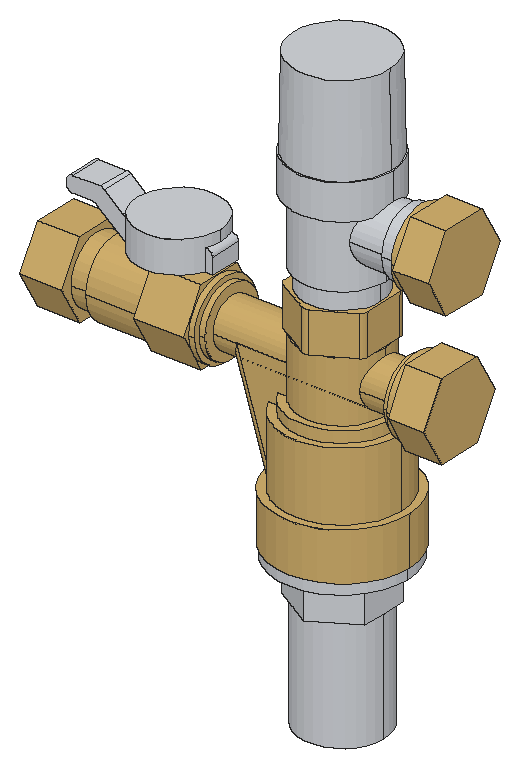
Revit family
Parameters (values of type "KHN3.204")
  URL = "http://www.autospec.co.za/browse.php?id=1644179288"
  Radius of Pipe = Diameter of Pipe / 2  # 7.5 mm
  Product Code = "KHN3.204"
  Pressure Rating = 400 kPa
  OmniClass Title = ""
  OmniClass Number = ""
  Modspec Classification = ""
  Specification = ""
  Location (revit room) = ""
  Model = "Pressure Control Multi Valve KHN3.204"
  Manufacturer = "Kwikot"  # constant formula
  Material = DZR Brass
  Diameter of Pipe = 15 mm
  Colour = none
  Body Finish = none
  Assembly Code = "D2090800"
Reference planes
  plane 1 "Center (Front/Back)": y = 0
  plane 2: z = 0
  plane 3 "Center (Left/Right)": x = 0
  plane 4: z = -100
  plane 5: z = 88
  plane 6: z = -65
  plane 7: x = 13
  plane 8: x = -13
  plane 9: z = -49.4
  plane 10: z = -34.4
  plane 11: z = -52.865
  plane 12: z = -12.9
  plane 13: z = -9.4
  plane 14: z = 9.6
  plane 15: z = 22.1
  plane 16: z = 28.1
  plane 17: z = 49
  plane 18: z = 60
  plane 19: x = 21.5
  plane 20: x = -34.5
  plane 21: x = 36.5
  plane 22: x = -54
  plane 23: x = 23.5
  plane 24: x = 25.5
  plane 25: x = -36.5
  plane 26: x = -38.5
  plane 27: z = 42
  plane 28: x = 38
  plane 29: x = 27
  plane 30: x = -70.5
  plane 31: x = -76.5
  plane 32: x = -89.5
  plane 33: x = -51
  plane 34: x = -26.5
Forms (mm)
  Extrusion 1, solid, detail levels fine
    sketch origin (-440, -1524, -100) x (-1, 0, 0) y (0, -1, 0)
      loop
        circle (-440, -1524) r 13
    from 0 to 35
  Extrusion 2, solid, detail levels fine
    sketch origin (-440, -1524, -65) x (-1, 0, 0) y (0, -1, 0)
      loop
        line (-453, -1531.506) -> (-440, -1539.011) -> (-427, -1531.506) -> (-427, -1516.494) -> (-440, -1508.989) -> (-453, -1516.494) -> (-453, -1531.506)
    from 0 to 12.135
  Extrusion 3, solid, detail levels fine
    sketch origin (-20.969, -1524, -52.865) x (-1, 0, 0) y (0, -1, 0)
      loop
        circle (-20.969, -1524) r 20.5
    from 0 to 3.465
  Extrusion 4, solid, material "DZR Brass" <- "Material", detail levels fine
    sketch origin (-165.612, -1524, -49.4) x (-1, 0, 0) y (0, -1, 0)
      loop
        circle (-165.612, -1524) r 21
    from 0 to 15
  Extrusion 5, solid, material "DZR Brass" <- "Material", detail levels fine
    sketch origin (0, 0, 0) x (0, 1, 0) y (0, 0, 1)
      loop
        circle (0, 0) r 7.5
    from 21.5 to -34.5
  Extrusion 6, solid, material "DZR Brass" <- "Material", detail levels fine
    sketch origin (-165.612, -1524, -34.4) x (-1, 0, 0) y (0, -1, 0)
      loop
        circle (-165.612, -1524) r 18.5
    from 0 to 21.5
  Extrusion 7, solid, material "DZR Brass" <- "Material", detail levels fine
    sketch origin (-60.699, -1524, -12.9) x (-1, 0, 0) y (0, -1, 0)
      loop
        circle (-60.699, -1524) r 16
    from 0 to 3.5
  Extrusion 8, solid, material "DZR Brass" <- "Material", detail levels fine
    sketch origin (-60.699, -1524, -9.4) x (-1, 0, 0) y (0, -1, 0)
      loop
        circle (-60.699, -1524) r 13.5
    from 0 to 19
  Blend 9, solid, material "DZR Brass" <- "Material", detail levels fine
    base sketch origin (-60.699, -1524, -9.4) x (-1, 0, 0) y (0, -1, 0)
      loop
        arc (-33.817, -1531.5) -> (-32.08, -1530.945) -> (-30.984, -1529.487) r 3
        arc (-30.984, -1529.487) -> (-29.942, -1523.968) -> (-31.003, -1518.452) r 15
        arc (-31.003, -1518.452) -> (-32.103, -1517.036) -> (-33.814, -1516.5) r 3
        line (-33.814, -1516.5) -> (-55.873, -1516.5) -> (-55.873, -1531.5) -> (-33.817, -1531.5)
    top sketch origin (-60.699, -1524, -9.4) x (-1, 0, 0) y (0, -1, 0)
      loop
        line (-55.873, -1531.5) -> (-44.824, -1531.5)
        arc (-44.824, -1531.5) -> (-43.015, -1530.893) -> (-41.938, -1529.318) r 3
        arc (-41.938, -1529.318) -> (-41.199, -1524) -> (-41.938, -1518.682) r 19.5
        arc (-41.938, -1518.682) -> (-43.015, -1517.107) -> (-44.824, -1516.5) r 3
        line (-44.824, -1516.5) -> (-55.873, -1516.5) -> (-55.873, -1531.5)
    from 9.4 to -25.5
  Extrusion 10, solid, material "DZR Brass" <- "Material", detail levels fine
    sketch origin (-60.699, -1524, 9.6) x (-1, 0, 0) y (0, -1, 0)
      loop
        line (-72.699, -1532.083) -> (-61.699, -1538.434)
        arc (-61.699, -1538.434) -> (-60.699, -1538.702) -> (-59.699, -1538.434) r 2
        line (-59.699, -1538.434) -> (-48.699, -1532.083)
        arc (-48.699, -1532.083) -> (-47.967, -1531.351) -> (-47.699, -1530.351) r 2
        line (-47.699, -1530.351) -> (-47.699, -1517.649)
        arc (-47.699, -1517.649) -> (-47.967, -1516.649) -> (-48.699, -1515.917) r 2
        line (-48.699, -1515.917) -> (-59.699, -1509.566)
        arc (-59.699, -1509.566) -> (-60.699, -1509.298) -> (-61.699, -1509.566) r 2
        line (-61.699, -1509.566) -> (-72.699, -1515.917)
        arc (-72.699, -1515.917) -> (-73.431, -1516.649) -> (-73.699, -1517.649) r 2
        line (-73.699, -1517.649) -> (-73.699, -1530.351)
        arc (-73.699, -1530.351) -> (-73.431, -1531.351) -> (-72.699, -1532.083) r 2
    from 0 to 12.5
  Extrusion 11, solid, detail levels fine
    sketch origin (-60.699, -1524, 22.1) x (-1, 0, 0) y (0, -1, 0)
      loop
        circle (-60.699, -1524) r 12.2
    from 0 to 6
  Extrusion 12, solid, detail levels fine
    sketch origin (-60.699, -1524, 28.1) x (-1, 0, 0) y (0, -1, 0)
      loop
        circle (-60.699, -1524) r 13.5
    from 0 to 20.9
  Extrusion 13, solid, detail levels fine
    sketch origin (-60.699, -1524, 49) x (-1, 0, 0) y (0, -1, 0)
      loop
        circle (-60.699, -1524) r 16
    from 0 to 11
  Blend 14, solid, detail levels fine
    base sketch origin (-60.699, -1524, 60) x (-1, 0, 0) y (0, -1, 0)
      loop
        circle (-60.699, -1524) r 15.5
    top sketch origin (-60.699, -1524, 60) x (-1, 0, 0) y (0, -1, 0)
      loop
        circle (-60.699, -1524) r 15
    from 0 to 28
  Extrusion 15, solid, material "DZR Brass" <- "Material", detail levels fine
    sketch origin (21.5, -1524, -21.263) x (0, 0, -1) y (0, -1, 0)
      loop
        circle (-21.263, -1524) r 10.5
    from 0 to -2
  Extrusion 16, solid, material "DZR Brass" <- "Material", detail levels fine
    sketch origin (-34.5, -1524, -21.263) x (0, 0, -1) y (0, -1, 0)
      loop
        circle (-21.263, -1524) r 10.5
    from 0 to 2
  Extrusion 17, solid, material "DZR Brass" <- "Material", detail levels fine
    sketch origin (21.5, -1524, -21.263) x (0, 0, -1) y (0, -1, 0)
      loop
        circle (-21.263, -1524) r 12
    from -2 to -4
  Extrusion 18, solid, material "DZR Brass" <- "Material", detail levels fine
    sketch origin (-34.5, -1524, -21.263) x (0, 0, -1) y (0, -1, 0)
      loop
        circle (-21.263, -1524) r 12
    from 2 to 4
  Extrusion 19, solid, material "DZR Brass" <- "Material", detail levels fine
    sketch origin (25.5, -1524, -21.263) x (0, 0, -1) y (0, -1, 0)
      loop
        line (-9.263, -1517.072) -> (-21.263, -1510.144) -> (-33.263, -1517.072) -> (-33.263, -1530.928) -> (-21.263, -1537.856) -> (-9.263, -1530.928) -> (-9.263, -1517.072)
    from 0 to -11
  Extrusion 20, solid, material "DZR Brass" <- "Material", detail levels fine
    sketch origin (-38.5, -1524, -21.263) x (0, 0, -1) y (0, -1, 0)
      loop
        line (-33.263, -1517.072) -> (-33.263, -1530.928) -> (-21.263, -1537.856) -> (-9.263, -1530.928) -> (-9.263, -1517.072) -> (-21.263, -1510.144) -> (-33.263, -1517.072)
    from 0 to 15.5
  Extrusion 21, solid, detail levels fine
    sketch origin (0, 0, 0) x (0, 1, 0) y (0, 0, 1)
      loop
        circle (0, 42) r 9.5
    from 0 to 20.8
  Extrusion 22, solid, detail levels fine
    sketch origin (0, 0, 0) x (0, 1, 0) y (0, 0, 1)
      loop
        circle (0, 42) r 10.45
    from 20.8 to 25
  Extrusion 23, solid, material "DZR Brass" <- "Material", detail levels fine
    sketch origin (0, 0, 0) x (0, 1, 0) y (0, 0, 1)
      loop
        circle (0, 42) r 12
    from 25 to 27
  Extrusion 24, solid, material "DZR Brass" <- "Material", detail levels fine
    sketch origin (38, -1524, 66.867) x (0, 0, 1) y (0, -1, 0)
      loop
        line (-12.867, -1517.072) -> (-24.867, -1510.144) -> (-36.867, -1517.072) -> (-36.867, -1530.928) -> (-24.867, -1537.856) -> (-12.867, -1530.928) -> (-12.867, -1517.072)
    from 0 to -11
  Extrusion 25, solid, material "DZR Brass" <- "Material", detail levels fine
    sketch origin (-54, -1524, -24.693) x (0, 0, -1) y (0, -1, 0)
      loop
        circle (-24.693, -1524) r 12
    from 0 to 16.5
  Extrusion 26, solid, material "DZR Brass" <- "Material", detail levels fine
    sketch origin (-70.5, -1524, -24.693) x (0, 0, -1) y (0, -1, 0)
      loop
        circle (-24.693, -1524) r 10.5
    from 0 to 6
  Extrusion 27, solid, material "DZR Brass" <- "Material", detail levels fine
    sketch origin (-76.5, -1524, -152.224) x (0, 0, -1) y (0, -1, 0)
      loop
        line (-164.224, -1530.928) -> (-152.224, -1537.856) -> (-140.224, -1530.928) -> (-140.224, -1517.072) -> (-152.224, -1510.144) -> (-164.224, -1517.072) -> (-164.224, -1530.928)
    from 0 to 13
  Extrusion 28, solid, material "DZR Brass", detail levels fine
    sketch origin (0, 0, 0) x (1, 0, 0) y (0, 1, 0)
      loop
        circle (-51, 0) r 8.25
    from 12 to 14.461
  Extrusion 29, solid, detail levels fine
    sketch origin (0, 0, 0) x (1, 0, 0) y (0, 1, 0)
      loop
        circle (-51, 0) r 13
    from 14.461 to 24.5
  Extrusion 30, solid, detail levels fine
    sketch origin (0, 0, 0) x (1, 0, 0) y (0, 0, 1)
      loop
        line (-38.5, 21.385) -> (-63.155, 21.385)
        arc (-63.155, 21.385) -> (-63.841, 21.506) -> (-64.443, 21.855) r 2
        line (-64.443, 21.855) -> (-70.117, 26.63)
        arc (-70.117, 26.63) -> (-70.719, 26.979) -> (-71.405, 27.1) r 2
        line (-71.405, 27.1) -> (-80.111, 27.1)
        arc (-80.111, 27.1) -> (-81.525, 26.514) -> (-82.111, 25.1) r 2
        line (-82.111, 25.1) -> (-82.111, 24.1)
        arc (-82.111, 24.1) -> (-81.525, 22.686) -> (-80.111, 22.1) r 2
        line (-80.111, 22.1) -> (-73.806, 22.1)
        arc (-73.806, 22.1) -> (-73.12, 21.979) -> (-72.518, 21.63) r 2
        line (-72.518, 21.63) -> (-64, 14.461) -> (-36.5, 14.461) -> (-36.5, 19.385)
        arc (-36.5, 19.385) -> (-37.086, 20.799) -> (-38.5, 21.385) r 2
    from -5 to 5
Cuts and joins
  joined: Extrusion 11, Extrusion 12, Extrusion 13, Blend 14, Extrusion 21, Extrusion 22
  joined: Extrusion 1, Extrusion 2, Extrusion 3
  joined: Extrusion 5, Extrusion 10, Extrusion 15, Extrusion 16, Extrusion 17, Extrusion 18, Extrusion 19, Extrusion 20, Extrusion 25, Extrusion 26, Extrusion 27
  joined: Extrusion 4, Extrusion 6, Extrusion 7, Extrusion 8, Blend 9
  joined: Extrusion 23, Extrusion 24
Lines and regions (mm)
  model lines
    curve 1: line (-26.5, 0, 0) -> (-26.5, 40, 0)
    curve 2: line (-41.5, 40, 0) -> (-11.5, 40, 0)
    curve 3: line (17.5, 0, 0) -> (36.5, 0, 0)
    curve 4: line (-70.5, 0, 0) -> (-89.5, 0, 0)
    curve 5: arc (-41.5, 40, 0) -> (-26.5, 46.771, 0) -> (-11.5, 40, 0) r 20
    curve 6: line (-26.5, 46.771, 0) -> (-26.5, 61.771, 0)
    curve 7: line (-26.5, 61.771, 0) -> (24.587, 61.771, 0)
    curve 8: line (24.587, 61.771, 0) -> (24.587, 0, 0)
    curve 9: line (-70.5, -13.856, 0) -> (-70.5, 13.856, 0)
    curve 10: line (-70.5, 13.856, 0) -> (17.5, -13.856, 0)
    curve 11: line (-70.5, -13.856, 0) -> (17.5, 13.856, 0)
    curve 12: line (17.5, 13.856, 0) -> (17.5, -13.856, 0)
Dimensions and locks
  level to plane 4 = 100 mm
  plane 6 to plane 4 = 35 mm
  plane 8 to plane 7 = 26 mm
  plane 3 "Center (Left/Right)" to plane 19 = 21.5 mm
  plane 20 to plane 19 = 56 mm
  plane 3 "Center (Left/Right)" to plane 21 = 36.5 mm
  plane 22 to plane 3 "Center (Left/Right)" = 54 mm
  plane 27 to plane 2 = 42 mm
  plane 28 to plane 3 "Center (Left/Right)" = 38 mm
  plane 28 to plane 29 = 11 mm
  plane 29 to plane 3 "Center (Left/Right)" = 27 mm
  plane 5 to level = 88 mm
  plane 3 "Center (Left/Right)" to plane 33 = 51 mm
  equal spacing: Blend 9 sketch curve, plane 1 "Center (Front/Back)", Blend 9 sketch curve
  "Radius of Pipe": plane 1 "Center (Front/Back)" to Blend 9 sketch curve
  plane 20 to Blend 9 sketch curve = 3.743 mm
  plane 20 to Blend 9 sketch curve = 15 mm
  radius of Extrusion 1 sketch curve = 13 mm
  "Radius of Pipe": radius of Extrusion 5 sketch curve
  radius of Extrusion 21 sketch curve = 9.5 mm
  radius of Extrusion 23 sketch curve = 12 mm
  radius of Extrusion 22 sketch curve = 10.45 mm
  radius of Extrusion 28 sketch curve = 8.25 mm
  radius of Blend 9 sketch curve = 15 mm
  radius of Blend 9 sketch curve = 3 mm  (x4)
  radius of Blend 9 sketch curve = 19.5 mm
  aligned and locked: level to plane 2
  aligned and locked: plane 6 to Extrusion 1
  aligned and locked: Extrusion 1 to plane 4
  aligned and locked: plane 11 to Extrusion 2
  aligned and locked: Extrusion 2 to plane 6
  aligned and locked: plane 9 to Extrusion 3
  aligned and locked: Extrusion 3 to Extrusion 2
  aligned and locked: plane 10 to Extrusion 4
  aligned and locked: Extrusion 4 to plane 9
  aligned and locked: plane 12 to Extrusion 6
  aligned and locked: Extrusion 6 to plane 10
  aligned and locked: plane 13 to Extrusion 7
  aligned and locked: Extrusion 7 to plane 12
  aligned and locked: plane 14 to Extrusion 8
  aligned and locked: Extrusion 8 to Extrusion 7
  aligned and locked: plane 15 to Extrusion 10
  aligned and locked: Extrusion 10 to Extrusion 8
  aligned and locked: plane 16 to Extrusion 11
  aligned and locked: Extrusion 11 to plane 15
  aligned and locked: plane 17 to Extrusion 12
  aligned and locked: Extrusion 12 to plane 16
  aligned and locked: plane 18 to Extrusion 13
  aligned and locked: Extrusion 13 to plane 17
  aligned and locked: plane 5 to Blend 14
  aligned and locked: Blend 14 to plane 18
  aligned and locked: plane 20 to Extrusion 5
  aligned and locked: Extrusion 5 to plane 19
  aligned: Extrusion 16 sketch curve to Extrusion 15
  aligned and locked: Extrusion 16 sketch curve to Extrusion 15
  aligned and locked: Extrusion 17 to Extrusion 15
  aligned: Extrusion 18 sketch curve to Extrusion 17
  aligned and locked: Extrusion 18 sketch curve to Extrusion 17
  aligned and locked: Extrusion 15 to plane 23
  aligned and locked: plane 23 to Extrusion 17
  aligned and locked: Extrusion 17 to plane 24
  aligned and locked: plane 25 to Extrusion 16
  aligned and locked: Extrusion 18 to Extrusion 16
  aligned and locked: plane 26 to Extrusion 18
  aligned and locked: Extrusion 19 to Extrusion 17
  aligned and locked: Extrusion 19 to plane 21
  aligned and locked: plane 22 to Extrusion 20
  aligned and locked: Extrusion 20 to Extrusion 18
  aligned and locked: plane 1 "Center (Front/Back)" to Extrusion 21 sketch curve
  aligned and locked: plane 27 to Extrusion 21 sketch curve
  aligned and locked: plane 27 to Extrusion 22 sketch curve
  aligned and locked: plane 1 "Center (Front/Back)" to Extrusion 22 sketch curve
  aligned and locked: plane 27 to Extrusion 23 sketch curve
  aligned and locked: plane 1 "Center (Front/Back)" to Extrusion 23 sketch curve
  aligned and locked: plane 29 to Extrusion 23
  aligned and locked: plane 28 to Extrusion 24
  aligned and locked: Extrusion 24 to plane 29
  aligned and locked: Extrusion 25 sketch curve to cut or joined group 1 (Extrusion 5, Extrusion 10, Extrusion 15, Extrusion 16, Extrusion 17, Extrusion 18, Extrusion 19, Extrusion 20, Extrusion 25, Extrusion 26, Extrusion 27)  (x2)
  aligned and locked: plane 30 to Extrusion 25
  aligned and locked: Extrusion 25 to plane 22
  aligned and locked: Extrusion 26 sketch curve to cut or joined group 1  (x2)
  aligned and locked: Extrusion 27 to plane 31
  aligned and locked: plane 32 to Extrusion 27
  aligned and locked: Extrusion 26 to plane 30
  aligned and locked: plane 31 to Extrusion 26
  aligned and locked: Extrusion 25 to Extrusion 26
  aligned and locked: Extrusion 25 to cut or joined group 1
  aligned and locked: plane 33 to Extrusion 28 sketch curve
  aligned and locked: plane 1 "Center (Front/Back)" to Extrusion 28 sketch curve
  aligned and locked: Extrusion 28 to cut or joined group 1
  aligned and locked: plane 33 to Extrusion 29 sketch curve
  aligned and locked: plane 1 "Center (Front/Back)" to Extrusion 29 sketch curve
  aligned and locked: Extrusion 29 to Extrusion 28
  aligned and locked: Extrusion 30 sketch curve to Extrusion 29
  aligned and locked: Blend 9 sketch curve to var sketch  (x2)
  aligned and locked: var sketch to Blend 9 sketch curve
Automatic sketch dimensions
  plane 1 "Center (Front/Back)" to Extrusion 1 sketch curve = 0 mm
  Extrusion 1 sketch curve to plane 3 "Center (Left/Right)" = 0 mm
  Extrusion 2 sketch curve to plane 7 = 0 mm
  Extrusion 2 sketch curve to plane 3 "Center (Left/Right)" = 0 mm  (x2)
  Extrusion 2 sketch curve to plane 8 = 0 mm
  Extrusion 2 sketch curve to plane 1 "Center (Front/Back)" = 15.011 mm
  Extrusion 2 sketch curve to plane 1 "Center (Front/Back)" = 7.506 mm  (x2)
  plane 1 "Center (Front/Back)" to Extrusion 2 sketch curve = 7.506 mm  (x2)
  Extrusion 2 sketch curve to Extrusion 2 sketch curve = 7.506 mm
  plane 1 "Center (Front/Back)" to Extrusion 3 sketch curve = 0 mm
  Extrusion 3 sketch curve to plane 3 "Center (Left/Right)" = 0 mm
  plane 1 "Center (Front/Back)" to Extrusion 4 sketch curve = 0 mm
  Extrusion 4 sketch curve to plane 3 "Center (Left/Right)" = 0 mm
  Extrusion 5 sketch curve to level = 0 mm
  Extrusion 5 sketch curve to plane 1 "Center (Front/Back)" = 0 mm
  plane 1 "Center (Front/Back)" to Extrusion 6 sketch curve = 0 mm
  Extrusion 6 sketch curve to plane 3 "Center (Left/Right)" = 0 mm
  plane 1 "Center (Front/Back)" to Extrusion 7 sketch curve = 0 mm
  Extrusion 7 sketch curve to plane 3 "Center (Left/Right)" = 0 mm
  plane 1 "Center (Front/Back)" to Extrusion 8 sketch curve = 0 mm
  Extrusion 8 sketch curve to plane 3 "Center (Left/Right)" = 0 mm
  Extrusion 10 sketch curve to plane 7 = 0 mm
  Extrusion 10 sketch curve to plane 3 "Center (Left/Right)" = 0 mm  (x2)
  Extrusion 10 sketch curve to plane 8 = 0 mm
  plane 7 to Extrusion 10 sketch curve = 1 mm  (x2)
  Extrusion 10 sketch curve to Extrusion 10 sketch curve = 2 mm  (x2)
  plane 3 "Center (Left/Right)" to Extrusion 10 sketch curve = 1 mm  (x2)
  Extrusion 10 sketch curve to plane 3 "Center (Left/Right)" = 1 mm  (x2)
  Extrusion 10 sketch curve to plane 8 = 2 mm  (x2)
  Extrusion 10 sketch curve to plane 8 = 1 mm  (x2)
  Extrusion 10 sketch curve to plane 1 "Center (Front/Back)" = 14.434 mm
  Extrusion 10 sketch curve to Extrusion 10 sketch curve = 1.732 mm  (x2)
  Extrusion 10 sketch curve to plane 1 "Center (Front/Back)" = 8.083 mm  (x2)
  plane 1 "Center (Front/Back)" to Extrusion 10 sketch curve = 6.351 mm  (x2)
  Extrusion 10 sketch curve to Extrusion 10 sketch curve = 6.351 mm
  plane 1 "Center (Front/Back)" to Extrusion 11 sketch curve = 0 mm
  Extrusion 11 sketch curve to plane 3 "Center (Left/Right)" = 0 mm
  plane 1 "Center (Front/Back)" to Extrusion 12 sketch curve = 0 mm
  Extrusion 12 sketch curve to plane 3 "Center (Left/Right)" = 0 mm
  plane 1 "Center (Front/Back)" to Extrusion 13 sketch curve = 0 mm
  Extrusion 13 sketch curve to plane 3 "Center (Left/Right)" = 0 mm
  plane 1 "Center (Front/Back)" to Blend 14 sketch curve = 0 mm  (x2)
  Blend 14 sketch curve to plane 3 "Center (Left/Right)" = 0 mm  (x2)
  Extrusion 15 sketch curve to level = 0 mm
  Extrusion 15 sketch curve to plane 1 "Center (Front/Back)" = 0 mm
  Extrusion 17 sketch curve to level = 0 mm
  Extrusion 17 sketch curve to plane 1 "Center (Front/Back)" = 0 mm
  Extrusion 19 sketch curve to level = 0 mm  (x2)
  plane 14 to Extrusion 19 sketch curve = 2.4 mm
  plane 12 to Extrusion 19 sketch curve = 0.9 mm
  Extrusion 19 sketch curve to plane 1 "Center (Front/Back)" = 13.856 mm
  Extrusion 19 sketch curve to plane 1 "Center (Front/Back)" = 6.928 mm  (x2)
  plane 1 "Center (Front/Back)" to Extrusion 19 sketch curve = 6.928 mm  (x2)
  plane 1 "Center (Front/Back)" to Extrusion 19 sketch curve = 13.856 mm
  Extrusion 20 sketch curve to level = 0 mm  (x2)
  plane 14 to Extrusion 20 sketch curve = 2.4 mm
  plane 12 to Extrusion 20 sketch curve = 0.9 mm
  Extrusion 20 sketch curve to plane 1 "Center (Front/Back)" = 13.856 mm
  Extrusion 20 sketch curve to plane 1 "Center (Front/Back)" = 6.928 mm  (x2)
  plane 1 "Center (Front/Back)" to Extrusion 20 sketch curve = 6.928 mm  (x2)
  Extrusion 20 sketch curve to Extrusion 20 sketch curve = 6.928 mm
  Extrusion 30 sketch curve to plane 15 = 0 mm
  plane 26 to Extrusion 30 sketch curve = 0 mm
  plane 25 to Extrusion 30 sketch curve = 0 mm
  Extrusion 30 sketch curve to plane 15 = 0.715 mm
  Extrusion 30 sketch curve to plane 30 = 7.345 mm
  Extrusion 30 sketch curve to plane 30 = 6.5 mm
  Extrusion 30 sketch curve to plane 15 = 0.245 mm
  Extrusion 30 sketch curve to Extrusion 30 sketch curve = 1.288 mm  (x2)
  Extrusion 30 sketch curve to plane 30 = 0.383 mm
  plane 30 to Extrusion 30 sketch curve = 0.905 mm
  Extrusion 30 sketch curve to plane 15 = 0.47 mm
  plane 30 to Extrusion 30 sketch curve = 2.018 mm
  plane 31 to Extrusion 30 sketch curve = 3.611 mm  (x2)
  Extrusion 30 sketch curve to plane 16 = 1 mm
  Extrusion 30 sketch curve to Extrusion 30 sketch curve = 2 mm  (x2)
  Blend 9 sketch curve to plane 3 "Center (Left/Right)" = 4.825 mm
  plane 34 to Blend 9 sketch curve = 0.381 mm
  plane 34 to Blend 9 sketch curve = 0.385 mm
  plane 1 "Center (Front/Back)" to Blend 9 sketch curve = 0.007 mm
  plane 1 "Center (Front/Back)" to Blend 9 sketch curve = 0 mm
  Blend 9 sketch curve to Blend 9 sketch curve = 0 mm  (x2)
  curve 4 to plane 1 "Center (Front/Back)" = 0 mm
  curve 4 to plane 32 = 0 mm
  curve 4 to plane 30 = 0 mm
  curve 5 to plane 34 = 0 mm
  plane 1 "Center (Front/Back)" to curve 1 = 0 mm
  curve 1 to plane 34 = 0 mm
  curve 6 to plane 34 = 0 mm
  plane 1 "Center (Front/Back)" to curve 3 = 0 mm
  curve 3 to plane 21 = 0 mm
  plane 26 to curve 5 = 3 mm
  plane 19 to curve 11 = 4 mm
  curve 8 to plane 29 = 2.413 mm
  curve 12 to curve 3 = 13.856 mm
  curve 9 to curve 4 = 13.856 mm
  curve 10 to plane 1 "Center (Front/Back)" = 13.856 mm
  curve 5 to plane 1 "Center (Front/Back)" = 26.771 mm
  curve 5 to curve 2 = 13.229 mm
  curve 6 to curve 7 = 15 mm
  radius of Extrusion 3 sketch curve = 20.5 mm
  radius of Extrusion 4 sketch curve = 21 mm
  radius of Extrusion 6 sketch curve = 18.5 mm
  radius of Extrusion 7 sketch curve = 16 mm
  radius of Extrusion 8 sketch curve = 13.5 mm
  radius of Extrusion 11 sketch curve = 12.2 mm
  radius of Extrusion 12 sketch curve = 13.5 mm
  radius of Extrusion 13 sketch curve = 16 mm
  radius of Blend 14 sketch curve = 15.5 mm
  radius of Blend 14 sketch curve = 15 mm
  radius of Extrusion 15 sketch curve = 10.5 mm
  radius of Extrusion 17 sketch curve = 12 mm
  radius of Extrusion 29 sketch curve = 13 mm
Connectors
  piping at (36.5, 0, 0), driven by "Radius of Pipe", driven by "Pressure Rating"
    settings: on Extrusion 19, index 2, connector radius 7.5 mm, flow factor 0, pipe flow 0.0 L/s, pressure drop 400 kPa, fitting loss kfactor 0, connector angle 0.00°, fixture units 0, flow configuration 0, flow direction 2, fitting loss method 0, system type 29, connector reference index 3, connector utility 0, adjustable connector yes, is connector primary no, fitting loss table "", connector description "Pipe Connector"
  piping at (-89.5, 0, 0), driven by "Radius of Pipe"
    settings: on cut or joined group 1, index 3, connector radius 7.5 mm, flow factor 0, pipe flow 0.0 L/s, pressure drop 0 kPa, fitting loss kfactor 0, connector angle 0.00°, fixture units 0, flow configuration 0, flow direction 1, fitting loss method 0, system type 29, connector reference index 2, connector utility 0, adjustable connector yes, is connector primary yes, fitting loss table "", connector description "Pipe Connector"
  piping at (38, 0, 42), driven by "Radius of Pipe"
    settings: on cut or joined group of Extrusion 23, Extrusion 24, index 4, connector radius 7.5 mm, flow factor 0, pipe flow 0.0 L/s, pressure drop 0 kPa, fitting loss kfactor 0, connector angle 0.00°, fixture units 0, flow configuration 0, flow direction 2, fitting loss method 0, system type 29, connector reference index -1, connector utility 0, adjustable connector yes, is connector primary no, fitting loss table "", connector description "Pipe Connector"
